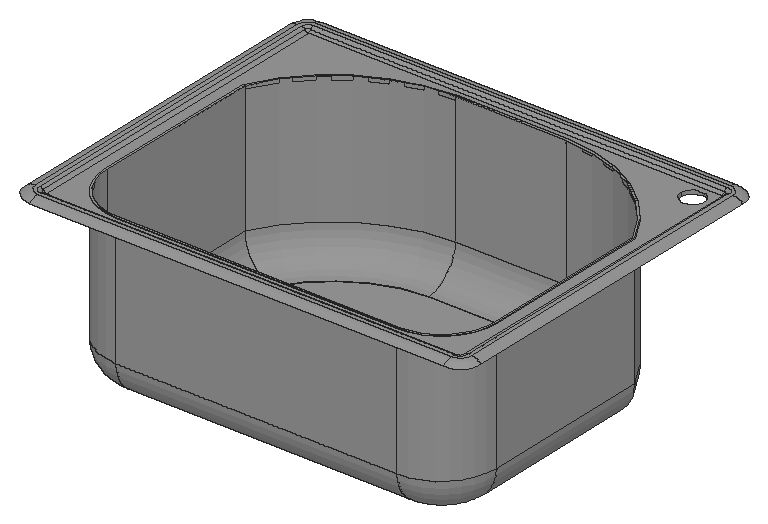
Revit family "MIT-35 SSR", category Generic Models, host Face, Revit 2013
Parameters
  Default Elevation = 1219.2 mm
Reference planes
  plane 1 "Center (Front/Back)": y = 0
  plane 2: z = 0
  plane 3 "Center (Left/Right)": x = 0
Forms (mm)
  Extrusion 1, solid
    sketch origin (0, 0, 0) x (1, 0, 0) y (0, 1, 0)
      loop
        arc (-270, 225) -> (-277.071, 222.071) -> (-280, 215) r 10
        line (-280, 215) -> (-280, -215)
        arc (-280, -215) -> (-277.071, -222.071) -> (-270, -225) r 10
        line (-270, -225) -> (270, -225)
        arc (270, -225) -> (277.071, -222.071) -> (280, -215) r 10
        line (280, -215) -> (280, 215)
        arc (280, 215) -> (277.071, 222.071) -> (270, 225) r 10
        line (270, 225) -> (-270, 225)
    from -2 to 0
  Sweep 2, solid, material "Steel, Polished"
    path origin (0, 0, 0) x (1, 0, 0) y (0, 1, 0)
      loop
        arc (-261.5, 207.5) -> (-262.207, 207.207) -> (-262.5, 206.5) r 1
        line (-262.5, 206.5) -> (-262.5, -206.5)
        arc (-262.5, -206.5) -> (-262.207, -207.207) -> (-261.5, -207.5) r 1
        line (-261.5, -207.5) -> (261.5, -207.5)
        arc (261.5, -207.5) -> (262.207, -207.207) -> (262.5, -206.5) r 1
        line (262.5, -206.5) -> (262.5, 206.5)
        arc (262.5, 206.5) -> (262.207, 207.207) -> (261.5, 207.5) r 1
        line (261.5, 207.5) -> (-261.5, 207.5)
    profile origin (0, 207.5, 0) x (0, 1, 0) y (0, 0, 1)
      loop
        arc (25.095, 0) -> (19.429, 3.789) -> (12.72, 5) r 16.713
        line (12.72, 5) -> (7.72, 5)
        arc (7.72, 5) -> (5.375, 4.393) -> (3.617, 2.726) r 4.838
        arc (3.617, 2.726) -> (2.061, 1.028) -> (0, 0) r 6.319
        line (0, 0) -> (25.095, 0)
  Extrusion 3, void
    sketch origin (0, 0, 0) x (1, 0, 0) y (0, 1, 0)
      loop
        line (-275, 219) -> (-275, -219) -> (275, -219) -> (275, 219) -> (-275, 219)
    from -444.428 to 250
  Sweep 4, solid, material "Steel, Polished"
    path origin (0, 0, 0) x (1, 0, 0) y (0, 1, 0)
      loop
        arc (-247.5, -131.5) -> (-226.997, -180.997) -> (-177.5, -201.5) r 70
        line (-177.5, -201.5) -> (177.5, -201.5)
        arc (177.5, -201.5) -> (226.997, -180.997) -> (247.5, -131.5) r 70
        line (247.5, -131.5) -> (247.5, 86.5)
        arc (247.5, 86.5) -> (174.863, 168.566) -> (70.333, 201.5) r 205.051
        line (70.333, 201.5) -> (-70.333, 201.5)
        arc (-70.333, 201.5) -> (-174.863, 168.566) -> (-247.5, 86.5) r 205.051
        line (-247.5, 86.5) -> (-247.5, -131.5)
    profile origin (-247.5, -22.5, 0) x (-1, 0, 0) y (0, 0, 1)
      loop
        line (0, 0) -> (-2, 0) -> (-2, -165)
        arc (-2, -165) -> (-14.594, -195.406) -> (-45, -208) r 43
        line (-45, -208) -> (-45, -210)
        arc (-45, -210) -> (-13.18, -196.82) -> (0, -165) r 45
        line (0, -165) -> (0, 0)
  Extrusion 5, solid, material "Steel, Polished"
    sketch origin (0, 0, 0) x (1, 0, 0) y (0, 1, 0)
      loop
        line (-202.5, 75.424) -> (-202.5, -131.5)
        arc (-202.5, -131.5) -> (-195.178, -149.178) -> (-177.5, -156.5) r 25
        line (-177.5, -156.5) -> (177.5, -156.5)
        arc (177.5, -156.5) -> (195.178, -149.178) -> (202.5, -131.5) r 25
        line (202.5, -131.5) -> (202.5, 75.424)
        arc (202.5, 75.424) -> (146.53, 133.232) -> (69.504, 156.5) r 160.051
        line (69.504, 156.5) -> (-69.504, 156.5)
        arc (-69.504, 156.5) -> (-146.53, 133.232) -> (-202.5, 75.424) r 160.051
    from -208 to -210
  Extrusion 6, solid, material "Steel, Polished"
    sketch origin (0, 0, 0) x (1, 0, 0) y (0, 1, 0)
      loop
        line (-245.5, 86.037) -> (-245.5, -131.5)
        arc (-245.5, -131.5) -> (-225.583, -179.583) -> (-177.5, -199.5) r 68
        line (-177.5, -199.5) -> (177.5, -199.5)
        arc (177.5, -199.5) -> (225.583, -179.583) -> (245.5, -131.5) r 68
        line (245.5, -131.5) -> (245.5, 86.037)
        arc (245.5, 86.037) -> (173.595, 167.005) -> (70.298, 199.5) r 203.051
        line (70.298, 199.5) -> (-70.281, 199.501)
        arc (-70.281, 199.501) -> (-173.588, 167.01) -> (-245.5, 86.037) r 203.051
      loop
        line (262.5, 207.5) -> (-262.5, 207.5) -> (-262.5, -207.5) -> (262.5, -207.5) -> (262.5, 207.5)
    from 0 to -4.172
  Extrusion 7, void
    sketch origin (0, 0, 0) x (1, 0, 0) y (0, 1, 0)
      loop
        circle (241.25, 185.875) r 15
    from 43.955 to -93.624
  Extrusion 8, solid, material "Steel, Polished"
    sketch origin (0, 0, 0) x (1, 0, 0) y (0, 1, 0)
      loop
        circle (0, -17.295) r 35
      loop
        circle (0, -17.295) r 25
    from -207.24 to -210
  Extrusion 9, void
    sketch origin (0, 0, 0) x (1, 0, 0) y (0, 1, 0)
      loop
        line (-6.47, 6.853) -> (-1.294, -12.466)
        arc (-1.294, -12.466) -> (-0.653, -12.338) -> (0, -12.295) r 5
        line (0, -12.295) -> (0, 7.705)
        arc (0, 7.705) -> (-3.263, 7.491) -> (-6.47, 6.853) r 25
    from -91.216 to -445.062
  Extrusion 10, void
    sketch origin (8.648, -2.317, 0) x (0.866025, -0.5, 0) y (0.5, 0.866025, 0)
      loop
        line (-6.47, 6.853) -> (-1.294, -12.466)
        arc (-1.294, -12.466) -> (-0.653, -12.338) -> (0, -12.295) r 5
        line (0, -12.295) -> (0, 7.705)
        arc (0, 7.705) -> (-3.263, 7.491) -> (-6.47, 6.853) r 25
    from -91.216 to -445.062
  Extrusion 11, void
    sketch origin (-8.648, -2.317, 0) x (0.866025, 0.5, 0) y (-0.5, 0.866025, 0)
      loop
        line (-6.47, 6.853) -> (-1.294, -12.466)
        arc (-1.294, -12.466) -> (-0.653, -12.338) -> (0, -12.295) r 5
        line (0, -12.295) -> (0, 7.705)
        arc (0, 7.705) -> (-3.263, 7.491) -> (-6.47, 6.853) r 25
    from -91.216 to -445.062
  Extrusion 12, void
    sketch origin (-14.978, -8.648, 0) x (0.5, 0.866025, 0) y (-0.866025, 0.5, 0)
      loop
        line (-6.47, 6.853) -> (-1.294, -12.466)
        arc (-1.294, -12.466) -> (-0.653, -12.338) -> (0, -12.295) r 5
        line (0, -12.295) -> (0, 7.705)
        arc (0, 7.705) -> (-3.263, 7.491) -> (-6.47, 6.853) r 25
    from -91.216 to -445.062
  Extrusion 13, void
    sketch origin (-17.295, -17.295, 0) x (0, 1, 0) y (-1, 0, 0)
      loop
        line (-6.47, 6.853) -> (-1.294, -12.466)
        arc (-1.294, -12.466) -> (-0.653, -12.338) -> (0, -12.295) r 5
        line (0, -12.295) -> (0, 7.705)
        arc (0, 7.705) -> (-3.263, 7.491) -> (-6.47, 6.853) r 25
    from -91.216 to -445.062
  Extrusion 14, void
    sketch origin (-14.978, -25.943, 0) x (-0.5, 0.866025, 0) y (-0.866025, -0.5, 0)
      loop
        line (-6.47, 6.853) -> (-1.294, -12.466)
        arc (-1.294, -12.466) -> (-0.653, -12.338) -> (0, -12.295) r 5
        line (0, -12.295) -> (0, 7.705)
        arc (0, 7.705) -> (-3.263, 7.491) -> (-6.47, 6.853) r 25
    from -91.216 to -445.062
  Extrusion 15, void
    sketch origin (-8.648, -32.274, 0) x (-0.866025, 0.5, 0) y (-0.5, -0.866025, 0)
      loop
        line (-6.47, 6.853) -> (-1.294, -12.466)
        arc (-1.294, -12.466) -> (-0.653, -12.338) -> (0, -12.295) r 5
        line (0, -12.295) -> (0, 7.705)
        arc (0, 7.705) -> (-3.263, 7.491) -> (-6.47, 6.853) r 25
    from -91.216 to -445.062
  Extrusion 16, void
    sketch origin (0, -34.591, 0) x (-1, 0, 0) y (0, -1, 0)
      loop
        line (-6.47, 6.853) -> (-1.294, -12.466)
        arc (-1.294, -12.466) -> (-0.653, -12.338) -> (0, -12.295) r 5
        line (0, -12.295) -> (0, 7.705)
        arc (0, 7.705) -> (-3.263, 7.491) -> (-6.47, 6.853) r 25
    from -91.216 to -445.062
  Extrusion 17, void
    sketch origin (8.648, -32.274, 0) x (-0.866025, -0.5, 0) y (0.5, -0.866025, 0)
      loop
        line (-6.47, 6.853) -> (-1.294, -12.466)
        arc (-1.294, -12.466) -> (-0.653, -12.338) -> (0, -12.295) r 5
        line (0, -12.295) -> (0, 7.705)
        arc (0, 7.705) -> (-3.263, 7.491) -> (-6.47, 6.853) r 25
    from -91.216 to -445.062
  Extrusion 18, void
    sketch origin (14.978, -25.943, 0) x (-0.5, -0.866025, 0) y (0.866025, -0.5, 0)
      loop
        line (-6.47, 6.853) -> (-1.294, -12.466)
        arc (-1.294, -12.466) -> (-0.653, -12.338) -> (0, -12.295) r 5
        line (0, -12.295) -> (0, 7.705)
        arc (0, 7.705) -> (-3.263, 7.491) -> (-6.47, 6.853) r 25
    from -91.216 to -445.062
  Extrusion 19, void
    sketch origin (17.295, -17.295, 0) x (0, -1, 0) y (1, 0, 0)
      loop
        line (-6.47, 6.853) -> (-1.294, -12.466)
        arc (-1.294, -12.466) -> (-0.653, -12.338) -> (0, -12.295) r 5
        line (0, -12.295) -> (0, 7.705)
        arc (0, 7.705) -> (-3.263, 7.491) -> (-6.47, 6.853) r 25
    from -91.216 to -445.062
  Extrusion 20, void
    sketch origin (14.978, -8.648, 0) x (0.5, -0.866025, 0) y (0.866025, 0.5, 0)
      loop
        line (-6.47, 6.853) -> (-1.294, -12.466)
        arc (-1.294, -12.466) -> (-0.653, -12.338) -> (0, -12.295) r 5
        line (0, -12.295) -> (0, 7.705)
        arc (0, 7.705) -> (-3.263, 7.491) -> (-6.47, 6.853) r 25
    from -91.216 to -445.062
Cuts and joins
  Extrusion 3 cuts Extrusion 1
  Extrusion 7 cuts Extrusion 6
  Extrusion 7, Extrusion 9, Extrusion 10, Extrusion 11, Extrusion 12, Extrusion 13, Extrusion 14, Extrusion 15, Extrusion 16, Extrusion 17, Extrusion 18, Extrusion 19, Extrusion 20 cuts Extrusion 5
  Extrusion 10, Extrusion 11, Extrusion 12, Extrusion 13, Extrusion 14, Extrusion 15, Extrusion 16, Extrusion 17, Extrusion 18, Extrusion 19, Extrusion 20 cuts Extrusion 8
Lines and regions (mm)
  reference lines
    curve 1: line (0, 2097.409, 5) -> (0, -3902.591, 5)
    curve 2: line (-1599.2, 0, -2) -> (3900.8, 0, -2)
    curve 3: line (-1599.2, 0, 5) -> (3900.8, 0, 5)
    curve 4: line (-1599.2, 0, -210) -> (3900.8, 0, -210)
Dimensions and locks
  aligned and locked: plane 2 to host face
  aligned and locked: level to host face
